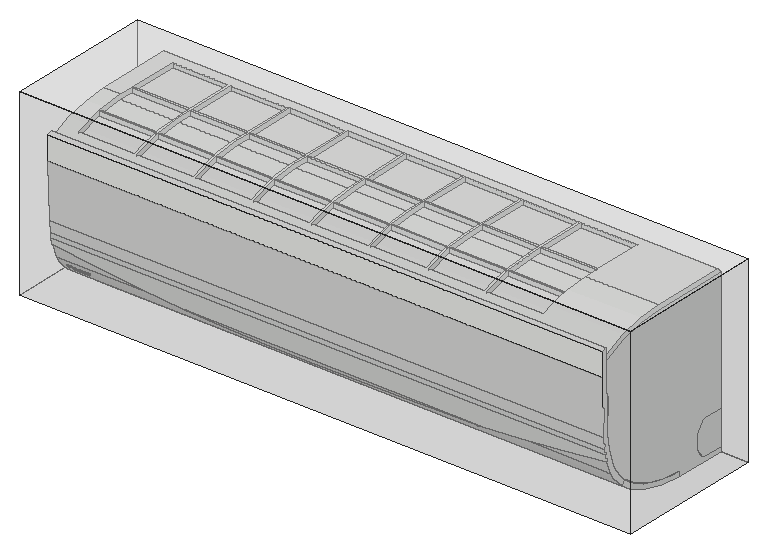
Revit family "outputfile", category 機械設備, Revit 2024
Family settings
  丸型コネクタ寸法 = 半径を使用
  パーツ タイプ = 標準
  OmniClass 番号 = 23.75.10.24.21.27.27
  OmniClass タイトル = Split System Air Conditioning Units
  作業面ベース = いいえ
  常に垂直 = はい
  ロード時にボイドで切り取り = いいえ
  注釈の向きを維持 = いいえ
  共有 = いいえ
  部屋計算ポイント = いいえ
Parameters (values of type "CTKM71RVMA")
  Description = ""
  書き出し IFC クラス(タイプ) = "IfcUnitaryEquipmentType"
  定義済み IFC タイプ(タイプ) = "AIRCONDITIONINGUNIT"
  Cost = 0
  Type Comments = ""
  Keynote = ""
  Type Image = (empty or 0)
  Assembly Code = ""
  w_wall hole = if(Width = 770.0 mm, 48.0 mm, 60.0 mm)  # 60.0 mm
  製造元 = "Daikin"
  モデル = "CTKM71RVMA"
  switch_frequency = yes
  r_Liquid Pipe Size = Liquid Pipe Size / 2  # 3.2 mm
  r_Gas Pipe Size = Gas Pipe Size / 2  # 7.95 mm
  r_Drain Pipe Size = Drain Pipe Size / 2  # 8.0 mm
  lw_powersupply [instance] = if(Width = 770.0 mm, if(or(Rear Right Connection_refrigerant, Bottom Right Connection_refrigerant), 25.0 mm, if(or(Rear Left Connection_refrigerant, Bottom Left Connection_refrigerant), 745.0 mm, 400.0 mm)), if(Width = 990.0 mm, if(or(Rear Right Connection_refrigerant, Bottom Right Connection_refrigerant), 40.0 mm, if(or(Rear Left Connection_refrigerant, Bottom Left Connection_refrigerant), 920.0 mm, 400.0 mm)), if(or(Rear Right Connection_refrigerant, Bottom Right Connection_refrigerant), 40.0 mm, if(or(Rear Left Connection_refrigerant, Bottom Left Connection_refrigerant), 920.0 mm, 400.0 mm))))  # 400.0 mm
  lw_liquidpipe [instance] = if(Width = 770.0 mm, if(or(Rear Right Connection_refrigerant, Bottom Right Connection_refrigerant), 0.0 mm, if(or(Rear Left Connection_refrigerant, Bottom Left Connection_refrigerant), 664.0 mm, 385.0 mm)), if(Width = 990.0 mm, if(or(Rear Right Connection_refrigerant, Bottom Right Connection_refrigerant), 0.0 mm, if(or(Rear Left Connection_refrigerant, Bottom Left Connection_refrigerant), 664.0 mm + (990.0 mm - 770.0 mm), 475.0 mm)), if(or(Rear Right Connection_refrigerant, Bottom Right Connection_refrigerant), 0.0 mm, if(or(Rear Left Connection_refrigerant, Bottom Left Connection_refrigerant), 664.0 mm + (990.0 mm - 770.0 mm), 475.0 mm))))  # 475.0 mm
  lw_gaspipe [instance] = if(Width = 770.0 mm, if(or(Rear Right Connection_refrigerant, Bottom Right Connection_refrigerant), 0.0 mm, if(or(Rear Left Connection_refrigerant, Bottom Left Connection_refrigerant), 675.0 mm, if(Gas Pipe Size = 12.7 mm, 345.0 mm, 335.0 mm))), if(Width = 990.0 mm, if(or(Rear Right Connection_refrigerant, Bottom Right Connection_refrigerant), 10.0 mm, if(or(Rear Left Connection_refrigerant, Bottom Left Connection_refrigerant), 890.0 mm, if(Gas Pipe Size = 15.9 mm, 410.0 mm, 400.0 mm))), if(or(Rear Right Connection_refrigerant, Bottom Right Connection_refrigerant), 10.0 mm, if(or(Rear Left Connection_refrigerant, Bottom Left Connection_refrigerant), 890.0 mm, if(Gas Pipe Size = 15.9 mm, 410.0 mm, 400.0 mm)))))  # 410.0 mm
  lw_drainpipe [instance] = if(Width = 770.0 mm, if(or(Rear Right Connection_refrigerant, Bottom Right Connection_refrigerant), 0.0 mm, if(or(Rear Left Connection_refrigerant, Bottom Left Connection_refrigerant), 770.0 mm - 48.0 mm - 48.0 mm, 440.0 mm)), if(Width = 990.0 mm, if(or(Rear Right Connection_refrigerant, Bottom Right Connection_refrigerant), 0.0 mm, if(or(Rear Left Connection_refrigerant, Bottom Left Connection_refrigerant), 675.0 mm + (990.0 mm - 770.0 mm), 435.0 mm)), if(or(Rear Right Connection_refrigerant, Bottom Right Connection_refrigerant), 0.0 mm, if(or(Rear Left Connection_refrigerant, Bottom Left Connection_refrigerant), 675.0 mm + (990.0 mm - 770.0 mm), 435.0 mm))))  # 435.0 mm
  l_powersupply_length [instance] = if(Width = 770.0 mm, if(Right Connection_refrigerant, 400.0 mm, if(Left Connection_refrigerant, 770.0 mm - 400.0 mm, if(or(Rear Left Connection_refrigerant, Rear Right Connection_refrigerant), 15.0 mm, 50.0 mm))), if(Width = 990.0 mm, if(Right Connection_refrigerant, 400.0 mm, if(Left Connection_refrigerant, 990.0 mm - 400.0 mm, if(or(Rear Left Connection_refrigerant, Rear Right Connection_refrigerant), 15.0 mm, 50.0 mm))), if(Right Connection_refrigerant, 400.0 mm, if(Left Connection_refrigerant, 990.0 mm - 400.0 mm, if(or(Rear Left Connection_refrigerant, Rear Right Connection_refrigerant), 15.0 mm, 50.0 mm)))))  # 400.0 mm
  l_liquidpipe_length [instance] = if(Width = 770.0 mm, if(Right Connection_refrigerant, 433.0 mm, if(Left Connection_refrigerant, 337.0 mm, if(or(Rear Left Connection_refrigerant, Rear Right Connection_refrigerant), 30.0 mm, 40.0 mm))), if(Width = 990.0 mm, if(Right Connection_refrigerant, 535.0 mm, if(Left Connection_refrigerant, 455.0 mm, if(or(Rear Left Connection_refrigerant, Rear Right Connection_refrigerant), 30.0 mm, 40.0 mm))), if(Right Connection_refrigerant, 535.0 mm, if(Left Connection_refrigerant, 455.0 mm, if(or(Rear Left Connection_refrigerant, Rear Right Connection_refrigerant), 30.0 mm, 40.0 mm)))))  # 535.0 mm
  l_gaspipe_length [instance] = if(Width = 770.0 mm, if(Right Connection_refrigerant, if(Gas Pipe Size = 12.7 mm, 393.0 mm, 383.0 mm), if(Left Connection_refrigerant, if(Gas Pipe Size = 12.7 mm, 770.0 mm - 393.0 mm, 770.0 mm - 383.0 mm), if(or(Rear Left Connection_refrigerant, Rear Right Connection_refrigerant), 40.0 mm, 50.0 mm))), if(Width = 990.0 mm, if(Right Connection_refrigerant, if(Gas Pipe Size = 15.9 mm, 470.0 mm, 460.0 mm), if(Left Connection_refrigerant, if(Gas Pipe Size = 15.9 mm, 990.0 mm - 470.0 mm, 990.0 mm - 460.0 mm), if(or(Rear Left Connection_refrigerant, Rear Right Connection_refrigerant), 40.0 mm, 50.0 mm))), if(Right Connection_refrigerant, if(Gas Pipe Size = 15.9 mm, 470.0 mm, 460.0 mm), if(Left Connection_refrigerant, if(Gas Pipe Size = 15.9 mm, 990.0 mm - 470.0 mm, 990.0 mm - 460.0 mm), if(or(Rear Left Connection_refrigerant, Rear Right Connection_refrigerant), 40.0 mm, 50.0 mm)))))  # 470.0 mm
  l_drainpipe_length [instance] = if(Width = 770.0 mm, if(Right Connection_refrigerant, 488.0 mm, if(Left Connection_refrigerant, 282.0 mm, if(or(Rear Left Connection_refrigerant, Rear Right Connection_refrigerant), 15.0 mm, 20.0 mm))), if(Width = 990.0 mm, if(Right Connection_refrigerant, 495.0 mm, if(Left Connection_refrigerant, 495.0 mm, if(or(Rear Left Connection_refrigerant, Rear Right Connection_refrigerant), 15.0 mm, 20.0 mm))), if(Right Connection_refrigerant, 495.0 mm, if(Left Connection_refrigerant, 495.0 mm, if(or(Rear Left Connection_refrigerant, Rear Right Connection_refrigerant), 15.0 mm, 20.0 mm)))))  # 495.0 mm
  h*** = 0.0 mm  # constant formula
  connector_voltage = Voltage_50Hz  # 230 V
  connector_powerinput = [Power Input (Cooling)]  # 0.000 kW
  connector_phase = Phase_50Hz  # 1
  angle_vertical [instance] = if(or(Bottom Left Connection_refrigerant, Bottom Right Connection_refrigerant), 0.00°, 90.00°)  # 90.00°
  angle_horizontal [instance] = if(Right Connection_refrigerant, 90.00°, if(Left Connection_refrigerant, -90.00°, if(or(Rear Left Connection_refrigerant, Rear Right Connection_refrigerant), 180.00°, 0.00°)))  # 90.00°
  Width = 990.0 mm
  Voltage_comment_50Hz = "220 - 240"
  Voltage_50Hz = 230 V
  Version = "ver.1.0"
  Unit Type = "Wall Mounted"
  Unit Mass Weight = 13.00 kg
  Unit Designation [instance] = ""
  Uniclass2015Version = "Products v1.30"
  Uniclass2015Title = "Split coil room air conditioning units"
  Uniclass2015Code = "Pr_70_65_03_86"
  URL = ""
  Total Cooling Capacity [instance] = 0.000 kW
  Sound Pressure Level_M speed (dBA) = 45
  Sound Pressure Level_L speed (dBA) = 37
  Sound Pressure Level_H speed (dBA) = 49
  Sound Power Level_H speed (dB) = 0
  Series = "Multi Split_Fan Coil Unit"
  Sensible Cooling Capacity [instance] = 0.000 kW
  Refrigerant Type = "R32"
  Power Input (Cooling) = 0.000 kW
  Phase_50Hz = 1
  Option Accessory 3 [instance] = ""
  Option Accessory 2 [instance] = ""
  Option Accessory 1 [instance] = ""
  Nominal Cooling Capacity = 7.100 kW
  Minimum Circuit Amps_50Hz = 0.0 A
  Minimum Airflow = 798.00 m³/h
  Median Airflow = 1010.00 m³/h
  Maximum Fuse Amps_50Hz = 0.0 A
  Maximum Airflow = 1200.00 m³/h
  Material_Casing = DAIKIN_White_Casing_indoorunit
  Load Classification = HVAC
  Liquid Pipe Size = 6.4 mm
  Link_Nested Family [instance] = ""
  IfcVersion = ""
  IfcExportType = "AIRCONDITIONINGUNIT"
  IfcExportAs = "IfcUnitaryEquipmentType"
  Height = 295.0 mm
  Heat Exchanger Type = "Cross Fin Coil"
  Gas Pipe Size = 15.9 mm
  Frequency_50Hz = 50 Hz
  Fan Type = "Cross Flow Fan"
  Fan Drive = "Direct Drive"
  FCU Tag No. [instance] = ""
  Drain Pipe Size = 16.0 mm
  Design Supply Airflow [instance] = 0.00 m³/h
  Depth = 263.0 mm
  既定の高さ = 0.0 mm
  Cooling Entering Wet Bulb Temperature [instance] = 0.00 °C
  Cooling Entering Dry Bulb Temperature [instance] = 0.00 °C
  Cooling Ambient Wet Bulb Temperature [instance] = 0.00 °C
  Cooling Ambient Dry Bulb Temperature [instance] = 0.00 °C
  Clearance visibility [instance] = yes
  Clearance Top = 30.0 mm
  Clearance Right = 50.0 mm
  Clearance Rear = 0.0 mm
  Clearance Left = 50.0 mm
  Clearance Front = 0.0 mm
  Clearance Bottom = 0.0 mm
  Bottom Right Connection_refrigerant [instance] = no
  Bottom Left Connection_refrigerant [instance] = no
  Rear Right Connection_refrigerant [instance] = no
  Rear Left Connection_refrigerant [instance] = no
  Right Connection_refrigerant [instance] = yes
  Left Connection_refrigerant [instance] = no
Reference planes
  plane 1 "Back": y = 0
  plane 2: z = 0
  plane 3 "Center (Left/Right)": x = 0
  plane 4 "Center (Front/Back)": y = -131.5
  plane 5 "Front": y = -263
  plane 6 "Left": x = -495
  plane 7 "Right": x = 495
  plane 8 "Top": z = 0
  plane 9 "Bottom": z = -295
  plane 10: x = -545
  plane 11: x = 545
  plane 12: y = 0
  plane 13: y = -263
  plane 14: z = 30
  plane 15: z = -295
  plane 16 "lw_Piping and Wiring intake": x = 435
  plane 17 "lw_gaspipe": x = 25
  plane 18 "lw_liquidpipe": x = -40
  plane 19 "lw_drainpipe": x = 0
  plane 20 "lh_drainpipe": z = -275
  plane 21 "lh_liquidpipe": z = -255
  plane 22 "lh_gaspipe": z = -245
  plane 23 "ld_drainpipe": y = -15
  plane 24 "ld_liquidpipe": y = -30
  plane 25 "ld_gaspipe": y = -40
  plane 26 "lw_powersupply": x = 95
Dimensions and locks
  equal spacing: plane 6 "Left", plane 3 "Center (Left/Right)", plane 7 "Right"
  "Width": plane 6 "Left" to plane 7 "Right"
  equal spacing: plane 5 "Front", plane 4 "Center (Front/Back)", plane 1 "Back"
  "Depth": plane 5 "Front" to plane 1 "Back"
  "Height": plane 8 "Top" to plane 9 "Bottom"
  "Clearance Rear": plane 12 to plane 1 "Back"
  "Clearance Front": plane 13 to plane 5 "Front"
  "Clearance Top": plane 14 to plane 8 "Top"
  "Clearance Bottom": plane 9 "Bottom" to plane 15
  "w_wall hole": plane 16 "lw_Piping and Wiring intake" to plane 7 "Right"
  "lw_gaspipe": plane 17 "lw_gaspipe" to plane 16 "lw_Piping and Wiring intake"
  "lw_liquidpipe": plane 18 "lw_liquidpipe" to plane 16 "lw_Piping and Wiring intake"
  "lw_drainpipe": plane 19 "lw_drainpipe" to plane 16 "lw_Piping and Wiring intake"
  locked: plane 20 "lh_drainpipe" to plane 9 "Bottom" at 20
  locked: plane 21 "lh_liquidpipe" to plane 9 "Bottom" at 40
  locked: plane 22 "lh_gaspipe" to plane 9 "Bottom" at 50
  locked: plane 23 "ld_drainpipe" to plane 1 "Back" at 15
  locked: plane 1 "Back" to plane 24 "ld_liquidpipe" at 30
  locked: plane 1 "Back" to plane 25 "ld_gaspipe" at 40
  "lw_powersupply": plane 26 "lw_powersupply" to plane 7 "Right"
  "Clearance Right": plane 7 "Right" to plane 11
  "Clearance Left": plane 10 to plane 6 "Left"
  aligned and locked: level to plane 2
  aligned and locked: plane 12 to nested 1
  aligned and locked: nested 1 to plane 13
  aligned and locked: plane 10 to nested 1
  aligned and locked: plane 11 to nested 1
  aligned and locked: plane 15 to nested 1
  aligned and locked: plane 14 to nested 1
  aligned and locked: plane 17 "lw_gaspipe" to nested 2
  aligned and locked: nested 2 to plane 25 "ld_gaspipe"
  aligned and locked: plane 18 "lw_liquidpipe" to nested 3
  aligned and locked: nested 3 to plane 24 "ld_liquidpipe"
  aligned and locked: plane 19 "lw_drainpipe" to nested 4
  aligned and locked: nested 4 to plane 23 "ld_drainpipe"
  aligned and locked: nested 5 to plane 23 "ld_drainpipe"
  aligned and locked: plane 26 "lw_powersupply" to nested 5
  aligned and locked: level to plane 8 "Top"
  aligned and locked: plane 3 "Center (Left/Right)" to nested 6
  aligned and locked: plane 1 "Back" to nested 6
  aligned and locked: plane 8 "Top" to nested 6
Nested families
  nested 1: "daikin_clearancespace" at (0, -131.5, -132.381), show <- "Clearance visibility", visible <- "Clearance visibility", Link_Nested Family <- "Link_Nested Family", type "daikin_clearancespace"
    with width 1090.0 mm, show yes, height 325.0 mm, depth 263.0 mm, Link_Nested Family ""
  nested 2: "daikin_connector_rotate3" at (25, -40, -245), angle_vertical <- "angle_vertical", angle_horizontal <- "angle_horizontal", length <- "l_gaspipe_length", radius <- "r_Gas Pipe Size", type "daikin_connector_rotate3"
    with show no, radius 7.95 mm, length 470.0 mm, angle_vertical 90.00°, angle_horizontal 90.00°
  nested 3: "daikin_connector_rotate3" at (-40, -30, -255), angle_vertical <- "angle_vertical", angle_horizontal <- "angle_horizontal", radius <- "r_Liquid Pipe Size", length <- "l_liquidpipe_length", type "daikin_connector_rotate3"
    with show no, radius 3.2 mm, length 535.0 mm, angle_vertical 90.00°, angle_horizontal 90.00°
  nested 4: "daikin_connector_rotate3" at (0, -15, -275), angle_vertical <- "angle_vertical", angle_horizontal <- "angle_horizontal", length <- "l_drainpipe_length", radius <- "r_Drain Pipe Size", type "daikin_connector_rotate3"
    with show no, radius 8.0 mm, length 495.0 mm, angle_vertical 90.00°, angle_horizontal 90.00°
  nested 5: "daikin_connector_rotate3" at (95, -15, -245), angle_vertical <- "angle_vertical", angle_horizontal <- "angle_horizontal", length <- "l_powersupply_length", type "daikin_connector_rotate3"
    with show no, radius 10.0 mm, length 400.0 mm, angle_vertical 90.00°, angle_horizontal 90.00°
  nested 6: "DAIKIN_indoorunit_CTKM-RVMA" at (-31, 0, 0), type "CTKM-RVMA"
    with switch_unit1_50-71 yes, switch_unit1_20-46 no, Width 990.0 mm, WALL HOLE-R 60.0 mm, WALL HOLE Size 80.0 mm, Height 295.0 mm
Connectors
  piping at (495, -40, -245), diameter 15.9, driven by "r_Gas Pipe Size"
    settings: on nested 2, index 1, connector inside diameter 609.6 mm, connector length 0.0 mm, flow factor 0, pipe flow 0.00 m³/h, pressure drop 0.0 Pa, fitting loss kfactor 0, connector angle 0.00°, fixture units 0, engagement length 0.0 mm, angle of deflection 0.00°, flow configuration 1, flow direction 2, fitting loss method 0, system type 29, joint type 0, gender type 0, connector reference index -1, connector utility 0, adjustable connector no, is connector primary yes, connector description "Refrigerant Gas Piping"
  piping at (495, -30, -255), diameter 6.4, driven by "r_Liquid Pipe Size"
    settings: on nested 3, index 2, connector inside diameter 609.6 mm, connector length 0.0 mm, flow factor 0, pipe flow 0.00 m³/h, pressure drop 0.0 Pa, fitting loss kfactor 0, connector angle 0.00°, fixture units 0, engagement length 0.0 mm, angle of deflection 0.00°, flow configuration 1, flow direction 1, fitting loss method 0, system type 29, joint type 0, gender type 0, connector reference index -1, connector utility 0, adjustable connector no, is connector primary no, connector description "Refrigerant Liquid Piping"
  piping at (495, -15, -275), diameter 16, driven by "r_Drain Pipe Size"
    settings: on nested 4, index 3, connector inside diameter 609.6 mm, connector length 0.0 mm, flow factor 0, pipe flow 0.00 m³/h, pressure drop 0.0 Pa, fitting loss kfactor 0, connector angle 0.00°, fixture units 0, engagement length 0.0 mm, angle of deflection 0.00°, flow configuration 1, flow direction 2, fitting loss method 4, system type 16, joint type 0, gender type 0, connector reference index -1, connector utility 0, adjustable connector no, is connector primary no, connector description "Condensate Drain Piping"
  electrical at (495, -15, -245), driven by "Load Classification", driven by "connector_phase", driven by "connector_powerinput", driven by "connector_voltage"
    settings: on nested 5, index 4, voltage 230 V, apparent load 0 VA, apparent load phase1 0 VA, apparent load phase2 0 VA, apparent load phase3 0 VA, power factor 1, load classification "HVAC", number of poles 1, system type 30, power factor state 1, is connector primary yes, connector utility no, sub classification motor no, connector description "Power Supply"
Definition of nested family "daikin_clearancespace"
  Parameters (values of type "daikin_clearancespace")
    Description = "daikin_clearancespace"
    width [instance] = 1823.963 mm
    show [instance] = yes
    material = none
    height [instance] = 1359.762 mm
    depth [instance] = 880.0 mm
    Default Elevation = 0.0 mm
    Link_Nested Family [instance] = ""
  Reference planes
    plane 1 "Center (Front/Back)": y = 0
    plane 2 "Center (Elevation)": z = -0.119
    plane 3 "Center (Left/Right)": x = 0
    plane 4: y = 440
    plane 5: y = -440
    plane 6 "Right": x = 911.982
    plane 7 "Left": x = -911.982
    plane 8 "Top": z = 679.762
    plane 9 "Bottom": z = -680
  Forms (mm)
    Extrusion 1, solid, material <- "material", visible <- "show"
      sketch origin (0, 0, 0) x (1, 0, 0) y (0, 1, 0)
        loop
          line (-911.982, 440) -> (-911.982, -440) -> (911.982, -440) -> (911.982, 440) -> (-911.982, 440)
      from -680 to 679.762
  Lines and regions (mm)
    symbolic lines, visible <- "show"
      curve 1: line (911.982, 440, 0) -> (-911.982, 440, 0)
      curve 2: line (-911.982, 440, 0) -> (-911.982, -440, 0)
      curve 3: line (-911.982, -440, 0) -> (911.982, -440, 0)
      curve 4: line (911.982, -440, 0) -> (911.982, 440, 0)
      curve 5: line (911.982, 0, 679.762) -> (-911.982, 0, 679.762)
      curve 6: line (911.982, 0, -680) -> (911.982, 0, 679.762)
      curve 7: line (-911.982, 0, -680) -> (911.982, 0, -680)
      curve 8: line (-911.982, 0, 679.762) -> (-911.982, 0, -680)
      curve 9: line (0, 440, 679.762) -> (0, -440, 679.762)
      curve 10: line (0, -440, 679.762) -> (0, -440, -680)
      curve 11: line (0, 440, -680) -> (0, 440, 679.762)
      curve 12: line (0, -440, -680) -> (0, 440, -680)
  Dimensions and locks
    "width": plane 7 "Left" to plane 6 "Right"
    "depth": plane 4 to plane 5
    "height": plane 8 "Top" to plane 9 "Bottom"
    equal spacing: plane 7 "Left", plane 3 "Center (Left/Right)", plane 6 "Right"
    equal spacing: plane 4, plane 1 "Center (Front/Back)", plane 5
    equal spacing: plane 8 "Top", plane 2 "Center (Elevation)", plane 9 "Bottom"
    aligned and locked: level to plane 2 "Center (Elevation)"
    aligned and locked: Extrusion 1 sketch curve to plane 4
    aligned and locked: plane 7 "Left" to Extrusion 1 sketch curve
    aligned and locked: Extrusion 1 sketch curve to plane 5
    aligned and locked: Extrusion 1 sketch curve to plane 6 "Right"
    aligned and locked: plane 8 "Top" to Extrusion 1
    aligned and locked: curve 1 to Extrusion 1
    aligned and locked: curve 2 to Extrusion 1
    aligned and locked: curve 3 to Extrusion 1
    aligned and locked: curve 4 to Extrusion 1
    aligned and locked: curve 5 to Extrusion 1
    aligned and locked: curve 6 to Extrusion 1
    aligned and locked: curve 7 to Extrusion 1
    aligned and locked: curve 8 to Extrusion 1
    aligned and locked: curve 9 to Extrusion 1
    aligned and locked: curve 10 to Extrusion 1
    aligned and locked: curve 11 to Extrusion 1
    aligned and locked: curve 12 to Extrusion 1
    aligned and locked: Extrusion 1 to plane 9 "Bottom"
Definition of nested family "DAIKIN_indoorunit_CTKM-RVMA"
  Parameters (values of type "FTKM-QVMA")
    switch_unit1_50-71 = Width = 990.0 mm  # no
    switch_unit1_20-46 = Width = 770.0 mm  # yes
    Width = 770.0 mm
    WALL HOLE-R = if(Width = 770.0 mm, 48.0 mm, 60.0 mm)  # 48.0 mm
    WALL HOLE Size = if(Width = 770.0 mm, 65.0 mm, 80.0 mm)  # 65.0 mm
    Material_Casing = none
    Height = if(Width = 770.0 mm, 285.0 mm, 295.0 mm)  # 285.0 mm
    Default Elevation = 0.0 mm
  Reference planes
    plane 1 "Center (Front/Back)": y = 0
    plane 2 "reference_level": z = 0
    plane 3 "Center (Left/Right)": x = 31
    plane 4: x = -354
    plane 5: x = 416
    plane 6: z = -285
  Forms (mm)
    Extrusion 1, solid, material <- "Material_Casing", visible <- "switch_unit1_20-46"
      sketch origin (29, 0, 0) x (0, 1, 0) y (0, 0, 1)
        loop
          line (-5, 0) -> (-98, 0)
          arc (-98, 0) -> (-157.611, -7.211) -> (-213.783, -28.427) r 250
          arc (-213.783, -28.427) -> (-213.842, -32.972) -> (-213.892, -37.516) r 2191
          arc (-213.892, -37.516) -> (-157.832, -15.495) -> (-98.07, -8) r 242
          line (-98.07, -8) -> (0, -8) -> (-5, 0)
      from -383 to 387
    Extrusion 2, solid, material <- "Material_Casing", visible <- "switch_unit1_20-46"
      sketch origin (416, 1296.25, 1200) x (0, 1, 0) y (0, 0, 1)
        loop
          line (-1472.998, -1446.91) -> (-1476.998, -1453.839)
          arc (-1476.998, -1453.839) -> (-1437.481, -1472.422) -> (-1395.25, -1483.538) r 240
          line (-1395.25, -1483.538) -> (-1395.25, -1475.422)
          arc (-1395.25, -1475.422) -> (-1435.407, -1464.663) -> (-1472.998, -1446.91) r 232
      from 0 to -47.5
    Extrusion 3, solid, material <- "Material_Casing", visible <- "switch_unit1_20-46"
      sketch origin (29, 0, 0) x (0, 1, 0) y (0, 0, 1)
        loop
          arc (-223, -60.455) -> (-222.414, -110.646) -> (-220.656, -160.81) r 2149.92
          arc (-220.656, -160.81) -> (-219.65, -174.299) -> (-217.853, -187.706) r 229.911
          arc (-217.853, -187.706) -> (-205.371, -223.594) -> (-181.517, -253.17) r 111
          line (-181.517, -253.17) -> (-177.429, -246.093)
          arc (-177.429, -246.093) -> (-198.77, -218.989) -> (-209.965, -186.36) r 103
          arc (-209.965, -186.36) -> (-211.681, -173.586) -> (-212.651, -160.735) r 221.844
          arc (-212.651, -160.735) -> (-214.739, -93.233) -> (-214.74, -25.699) r 2186.828
          arc (-214.74, -25.699) -> (-214.671, -21.467) -> (-214.594, -17.235) r 2192
          line (-214.594, -17.235) -> (-223, -19.961) -> (-223, -60.455)
      from -383 to 387
    Extrusion 4, solid, material <- "Material_Casing", visible <- "switch_unit1_20-46"
      sketch origin (29, 0, 0) x (0, 1, 0) y (0, 0, 1)
        loop
          line (-181.517, -253.17) -> (-179.597, -249.846)
          arc (-179.597, -249.846) -> (-202.009, -221.399) -> (-213.189, -186.952) r 103
          line (-213.189, -186.952) -> (-217.853, -187.706)
          arc (-217.853, -187.706) -> (-217.533, -189.556) -> (-217.182, -191.4) r 111
          arc (-217.182, -191.4) -> (-213.806, -208.181) -> (-210.362, -224.948) r 4257.809
          arc (-210.362, -224.948) -> (-198.886, -237.857) -> (-186.225, -249.607) r 180
          line (-186.225, -249.607) -> (-181.517, -253.17)
      from -383 to 387
    Extrusion 5, solid, material <- "Material_Casing", visible <- "switch_unit1_20-46"
      sketch origin (29, 0, -20) x (0, 1, 0) y (0, 0, 1)
        loop
          line (0, -265) -> (0, 12) -> (-98.07, 12)
          arc (-98.07, 12) -> (-157.832, 4.505) -> (-213.892, -17.516) r 242
          arc (-213.892, -17.516) -> (-213.638, -79.114) -> (-211.653, -140.681) r 2191
          arc (-211.653, -140.681) -> (-210.685, -153.501) -> (-208.973, -166.243) r 221
          arc (-208.973, -166.243) -> (-197.471, -199.282) -> (-175.482, -226.491) r 102
          arc (-175.482, -226.491) -> (-138.004, -244.019) -> (-98, -254.579) r 231
          line (-98, -254.579) -> (-98, -265) -> (0, -265)
      from -383 to 387
    Extrusion 6, solid, material <- "Material_Casing", visible <- "switch_unit1_20-46"
      sketch origin (-354, 1296.25, 1200) x (0, 1, 0) y (0, 0, 1)
        loop
          line (-1472.998, -1446.91) -> (-1476.998, -1453.839)
          arc (-1476.998, -1453.839) -> (-1437.481, -1472.422) -> (-1395.25, -1483.538) r 240
          line (-1395.25, -1483.538) -> (-1395.25, -1475.422)
          arc (-1395.25, -1475.422) -> (-1435.407, -1464.663) -> (-1472.998, -1446.91) r 232
      from 47 to 0
    Extrusion 7, solid, material <- "Material_Casing", visible <- "switch_unit1_20-46"
      sketch origin (416, 1296.25, 1200) x (0, 1, 0) y (0, 0, 1)
        loop
          line (-1472.998, -1446.91) -> (-1476.998, -1453.839)
          arc (-1476.998, -1453.839) -> (-1443.437, -1470.168) -> (-1407.75, -1481.097) r 240
          line (-1407.75, -1481.097) -> (-1407.75, -1472.894)
          arc (-1407.75, -1472.894) -> (-1441.363, -1462.385) -> (-1472.998, -1446.91) r 232
      from -116.993 to -48.493
    Extrusion 8, solid, material <- "Material_Casing", visible <- "switch_unit1_20-46"
      sketch origin (416, 1296.25, 1200) x (0, 1, 0) y (0, 0, 1)
        loop
          line (-1472.998, -1446.91) -> (-1476.998, -1453.839)
          arc (-1476.998, -1453.839) -> (-1443.437, -1470.168) -> (-1407.75, -1481.097) r 240
          line (-1407.75, -1481.097) -> (-1407.75, -1472.894)
          arc (-1407.75, -1472.894) -> (-1441.363, -1462.385) -> (-1472.998, -1446.91) r 232
      from -717 to -121.993
    Extrusion 9, void
      sketch origin (31, 0, -235) x (1, 0, 0) y (0, 1, 0)
        loop
          line (-252.674, -22.316) -> (-354.941, -22.316) -> (-354.941, -91.341) -> (-252.674, -91.341) -> (-252.674, -22.316)
        loop
          line (-249.341, -91.341) -> (-151.574, -91.341) -> (-151.574, -22.316) -> (-249.341, -22.316) -> (-249.341, -91.341)
        loop
          line (58.309, -22.316) -> (-148.309, -22.316) -> (-148.309, -91.341) -> (58.309, -91.341) -> (58.309, -22.316)
        loop
          line (61.689, -22.316) -> (61.689, -91.341) -> (159.457, -91.341) -> (159.457, -22.316) -> (61.689, -22.316)
        loop
          line (162.789, -22.316) -> (162.789, -91.341) -> (265.057, -91.341) -> (265.057, -22.316) -> (162.789, -22.316)
        loop
          line (-354.941, -94.659) -> (-354.941, -165.259) -> (-252.674, -165.259) -> (-252.674, -94.659) -> (-354.941, -94.659)
        loop
          line (-249.341, -94.659) -> (-249.341, -165.259) -> (-151.574, -165.259) -> (-151.574, -94.659) -> (-249.341, -94.659)
        loop
          line (-148.309, -94.659) -> (-148.309, -165.259) -> (58.309, -165.259) -> (58.309, -94.659) -> (-148.309, -94.659)
        loop
          line (61.689, -94.659) -> (61.689, -165.259) -> (159.457, -165.259) -> (159.457, -94.659) -> (61.689, -94.659)
        loop
          line (162.789, -94.659) -> (162.789, -165.259) -> (265.057, -165.259) -> (265.057, -94.659) -> (162.789, -94.659)
        loop
          line (-354.941, -167.382) -> (-354.941, -192.681) -> (-252.674, -192.681) -> (-252.674, -167.382) -> (-354.941, -167.382)
        loop
          line (-249.341, -167.382) -> (-249.341, -192.681) -> (-151.574, -192.681) -> (-151.574, -167.382) -> (-249.341, -167.382)
        loop
          line (-148.309, -167.382) -> (-148.309, -192.681) -> (58.309, -192.681) -> (58.309, -167.382) -> (-148.309, -167.382)
        loop
          line (159.457, -167.382) -> (61.689, -167.382) -> (61.689, -192.681) -> (159.457, -192.681) -> (159.457, -167.382)
        loop
          line (265.057, -167.382) -> (162.789, -167.382) -> (162.789, -192.681) -> (265.057, -192.681) -> (265.057, -167.382)
      from 201.638 to 250
    Extrusion 10, void
      sketch origin (31, 0, 0) x (1, 0, 0) y (0, 0, 1)
        loop
          arc (597, -174.907) -> (0.056, -245.263) -> (-597, -175.856) r 2585.042
          line (-597, -175.856) -> (-597, -352.872) -> (597, -352.872) -> (597, -174.907)
      from 173 to 315.3
    Extrusion 11, solid, material <- "Material_Casing"
      sketch origin (31, 0, 0) x (1, 0, 0) y (0, 0, 1)
        loop
          circle (337, -240.5) r 32.5
        loop
          circle (-337, -240.5) r 32.5
      from 0 to 5
    Extrusion 12, solid, material <- "Material_Casing", visible <- "switch_unit1_20-46"
      sketch origin (416, 1296.25, 1200) x (0, -1, 0) y (0, 0, 1)
        loop
          line (1326.25, -1417) -> (1296.25, -1417) -> (1296.25, -1477) -> (1326.25, -1477)
          arc (1326.25, -1477) -> (1340.393, -1471.142) -> (1346.25, -1457) r 20
          line (1346.25, -1457) -> (1346.25, -1437)
          arc (1346.25, -1437) -> (1340.393, -1422.858) -> (1326.25, -1417) r 20
      from 0 to 5
    Extrusion 13, solid, material <- "Material_Casing", visible <- "switch_unit1_20-46"
      sketch origin (-354, 1296.25, 1200) x (0, 1, 0) y (0, 0, 1)
        loop
          line (-1296.25, -1417) -> (-1326.25, -1417)
          arc (-1326.25, -1417) -> (-1340.393, -1422.858) -> (-1346.25, -1437) r 20
          line (-1346.25, -1437) -> (-1346.25, -1457)
          arc (-1346.25, -1457) -> (-1340.393, -1471.142) -> (-1326.25, -1477) r 20
          line (-1326.25, -1477) -> (-1296.25, -1477) -> (-1296.25, -1417)
      from 0 to 5
    Extrusion 14, solid, material <- "Material_Casing", visible <- "switch_unit1_20-46"
      sketch origin (31, 0, -285) x (-1, 0, 0) y (0, -1, 0)
        loop
          line (-314, 0) -> (-314, 30)
          arc (-314, 30) -> (-319.858, 44.142) -> (-334, 50) r 20
          line (-334, 50) -> (-354, 50)
          arc (-354, 50) -> (-368.142, 44.142) -> (-374, 30) r 20
          line (-374, 30) -> (-374, 0) -> (-314, 0)
        loop
          line (374, 0) -> (374, 30)
          arc (374, 30) -> (368.142, 44.142) -> (354, 50) r 20
          line (354, 50) -> (334, 50)
          arc (334, 50) -> (319.858, 44.142) -> (314, 30) r 20
          line (314, 30) -> (314, 0) -> (374, 0)
      from 0 to 5
    Extrusion 15, solid, material <- "Material_Casing", visible <- "switch_unit1_50-71"
      sketch origin (31, 0, 0) x (0, 1, 0) y (0, 0, 1)
        loop
          line (-5, 0) -> (-138, 0)
          arc (-138, 0) -> (-197.611, -7.211) -> (-253.783, -28.427) r 250
          arc (-253.783, -28.427) -> (-253.838, -32.687) -> (-253.886, -36.946) r 2191
          arc (-253.886, -36.946) -> (-197.73, -15.346) -> (-138.014, -8) r 246.393
          line (-138.014, -8) -> (0, -8) -> (-5, 0)
      from -495 to 495
    Extrusion 16, solid, material <- "Material_Casing", visible <- "switch_unit1_50-71"
      sketch origin (418, 1296.25, 1200) x (0, 1, 0) y (0, 0, 1)
        loop
          arc (-1515.208, -1454.149) -> (-1506.856, -1460.599) -> (-1497.925, -1466.219) r 110
          arc (-1497.925, -1466.219) -> (-1445.718, -1487.493) -> (-1389.844, -1494.995) r 223
          line (-1389.844, -1494.995) -> (-1389.844, -1486.086) -> (-1404.386, -1486.086)
          arc (-1404.386, -1486.086) -> (-1449.542, -1477.46) -> (-1491.818, -1459.402) r 214.289
          arc (-1491.818, -1459.402) -> (-1501.056, -1453.541) -> (-1509.606, -1446.715) r 101
          line (-1509.606, -1446.715) -> (-1515.208, -1454.149)
      from 108 to 57.5
    Extrusion 17, solid, material <- "Material_Casing", visible <- "switch_unit1_50-71"
      sketch origin (31, 0, 0) x (0, 1, 0) y (0, 0, 1)
        loop
          line (-263, -19.962) -> (-263, -61.6)
          arc (-263, -61.6) -> (-262.414, -110.219) -> (-260.656, -158.81) r 2017.341
          arc (-260.656, -158.81) -> (-255.648, -191.935) -> (-244.041, -223.362) r 164.725
          arc (-244.041, -223.362) -> (-233.569, -239.793) -> (-219.717, -253.495) r 87.379
          line (-219.717, -253.495) -> (-214.706, -246.846)
          arc (-214.706, -246.846) -> (-229.564, -230.029) -> (-240.385, -210.371) r 102
          arc (-240.385, -210.371) -> (-249.049, -182.962) -> (-252.848, -154.467) r 165.789
          arc (-252.848, -154.467) -> (-254.771, -90.102) -> (-254.74, -25.708) r 2122.533
          arc (-254.74, -25.708) -> (-254.671, -21.469) -> (-254.594, -17.23) r 2192
          line (-254.594, -17.23) -> (-263, -19.962)
      from -495 to 495
    Extrusion 18, void
      sketch origin (33, 0, 0) x (1, 0, 0) y (0, 1, 0)
        loop
          line (-466.909, -22.316) -> (-466.909, -111.341) -> (-366.303, -111.341) -> (-366.303, -22.316) -> (-466.909, -22.316)
        loop
          line (-362.71, -22.316) -> (-362.71, -111.341) -> (-262.103, -111.341) -> (-262.103, -22.316) -> (-362.71, -22.316)
        loop
          line (-258.51, -22.316) -> (-258.51, -111.341) -> (-157.904, -111.341) -> (-157.904, -22.316) -> (-258.51, -22.316)
        loop
          line (-154.31, -22.316) -> (-154.31, -111.341) -> (-53.704, -111.341) -> (-53.704, -22.316) -> (-154.31, -22.316)
        loop
          line (-50.11, -22.316) -> (-50.11, -111.341) -> (50.496, -111.341) -> (50.496, -22.316) -> (-50.11, -22.316)
        loop
          line (54.089, -22.316) -> (54.089, -111.341) -> (154.696, -111.341) -> (154.696, -22.316) -> (54.089, -22.316)
        loop
          line (158.289, -22.316) -> (158.289, -111.341) -> (258.895, -111.341) -> (258.895, -22.316) -> (158.289, -22.316)
        loop
          line (262.489, -22.316) -> (262.489, -111.341) -> (363.095, -111.341) -> (363.095, -22.316) -> (262.489, -22.316)
        loop
          line (-466.909, -114.459) -> (-466.909, -185.059) -> (-366.303, -185.059) -> (-366.303, -114.459) -> (-466.909, -114.459)
        loop
          line (-362.71, -114.459) -> (-362.71, -185.059) -> (-262.103, -185.059) -> (-262.103, -114.459) -> (-362.71, -114.459)
        loop
          line (-258.51, -114.459) -> (-258.51, -185.059) -> (-157.904, -185.059) -> (-157.904, -114.459) -> (-258.51, -114.459)
        loop
          line (-154.31, -114.459) -> (-154.31, -185.059) -> (-53.704, -185.059) -> (-53.704, -114.459) -> (-154.31, -114.459)
        loop
          line (-50.11, -114.459) -> (-50.11, -185.059) -> (50.496, -185.059) -> (50.496, -114.459) -> (-50.11, -114.459)
        loop
          line (54.089, -114.459) -> (54.089, -185.059) -> (154.696, -185.059) -> (154.696, -114.459) -> (54.089, -114.459)
        loop
          line (158.289, -114.459) -> (158.289, -185.059) -> (258.895, -185.059) -> (258.895, -114.459) -> (158.289, -114.459)
        loop
          line (262.489, -114.459) -> (262.489, -185.059) -> (363.095, -185.059) -> (363.095, -114.459) -> (262.489, -114.459)
        loop
          line (-466.909, -187.382) -> (-466.909, -232.681) -> (-366.303, -232.681) -> (-366.303, -187.382) -> (-466.909, -187.382)
        loop
          line (-362.71, -187.382) -> (-362.71, -232.681) -> (-262.103, -232.681) -> (-262.103, -187.382) -> (-362.71, -187.382)
        loop
          line (-258.51, -187.382) -> (-258.51, -232.681) -> (-157.904, -232.681) -> (-157.904, -187.382) -> (-258.51, -187.382)
        loop
          line (-154.31, -187.382) -> (-154.31, -232.681) -> (-53.704, -232.681) -> (-53.704, -187.382) -> (-154.31, -187.382)
        loop
          line (-50.11, -187.382) -> (-50.11, -232.681) -> (50.496, -232.681) -> (50.496, -187.382) -> (-50.11, -187.382)
        loop
          line (54.089, -187.382) -> (54.089, -232.681) -> (154.696, -232.681) -> (154.696, -187.382) -> (54.089, -187.382)
        loop
          line (158.289, -187.382) -> (158.289, -232.681) -> (258.895, -232.681) -> (258.895, -187.382) -> (158.289, -187.382)
        loop
          line (262.489, -187.382) -> (262.489, -232.681) -> (363.095, -232.681) -> (363.095, -187.382) -> (262.489, -187.382)
      from -40.013 to 47.268
    Extrusion 19, void
      sketch origin (33, 0, 2300) x (1, 0, 0) y (0, 0, 1)
        loop
          line (705, -2672.872) -> (705, -2462.4)
          arc (705, -2462.4) -> (-2.043, -2534.819) -> (-709, -2461.567) r 3467.757
          line (-709, -2461.567) -> (-709, -2672.872) -> (705, -2672.872)
      from 173 to 315.3
    Extrusion 20, solid, material <- "Material_Casing", visible <- "switch_unit1_50-71"
      sketch origin (-356, 1296.25, 1200) x (0, 1, 0) y (0, 0, -1)
        loop
          line (-1515.208, 1454.149) -> (-1509.606, 1446.715)
          arc (-1509.606, 1446.715) -> (-1501.056, 1453.541) -> (-1491.818, 1459.402) r 101
          arc (-1491.818, 1459.402) -> (-1449.542, 1477.46) -> (-1404.386, 1486.086) r 214.289
          line (-1404.386, 1486.086) -> (-1389.844, 1486.086) -> (-1389.844, 1494.995)
          arc (-1389.844, 1494.995) -> (-1445.718, 1487.493) -> (-1497.925, 1466.219) r 223
          arc (-1497.925, 1466.219) -> (-1506.856, 1460.599) -> (-1515.208, 1454.149) r 110
      from 108 to 61
    Extrusion 21, solid, material <- "Material_Casing", visible <- "switch_unit1_50-71"
      sketch origin (418, 1296.25, 1200) x (0, 1, 0) y (0, 0, 1)
        loop
          arc (-1515.208, -1454.149) -> (-1506.856, -1460.599) -> (-1497.925, -1466.219) r 110
          arc (-1497.925, -1466.219) -> (-1463.185, -1482.066) -> (-1426.25, -1491.755) r 223
          line (-1426.25, -1491.755) -> (-1426.25, -1483.166)
          arc (-1426.25, -1483.166) -> (-1460.008, -1473.969) -> (-1491.818, -1459.402) r 214.289
          arc (-1491.818, -1459.402) -> (-1501.056, -1453.541) -> (-1509.606, -1446.715) r 101
          line (-1509.606, -1446.715) -> (-1515.208, -1454.149)
      from 56.5 to -36.993
    Extrusion 22, solid, material <- "Material_Casing", visible <- "switch_unit1_50-71"
      sketch origin (418, 1296.25, 1200) x (0, 1, 0) y (0, 0, 1)
        loop
          arc (-1426.25, -1483.166) -> (-1443.442, -1479.224) -> (-1460.25, -1473.881) r 214.289
          line (-1460.25, -1473.881) -> (-1460.25, -1483.089)
          arc (-1460.25, -1483.089) -> (-1443.421, -1488.091) -> (-1426.25, -1491.755) r 223
          line (-1426.25, -1491.755) -> (-1426.25, -1483.166)
      from -43.493 to -828.893
    Extrusion 23, solid, material <- "Material_Casing", visible <- "switch_unit1_50-71"
      sketch origin (418, 1296.25, 1200) x (0, 1, 0) y (0, 0, 1)
        loop
          arc (-1515.208, -1454.149) -> (-1506.856, -1460.599) -> (-1497.925, -1466.219) r 110
          arc (-1497.925, -1466.219) -> (-1479.479, -1475.527) -> (-1460.25, -1483.089) r 223
          line (-1460.25, -1483.089) -> (-1460.25, -1473.881)
          arc (-1460.25, -1473.881) -> (-1476.328, -1467.282) -> (-1491.818, -1459.402) r 214.289
          arc (-1491.818, -1459.402) -> (-1501.056, -1453.541) -> (-1509.606, -1446.715) r 101
          line (-1509.606, -1446.715) -> (-1515.208, -1454.149)
      from -43.493 to -828.893
    Extrusion 24, solid, material <- "Material_Casing", visible <- "switch_unit1_50-71"
      sketch origin (31, 0, 0) x (0, 1, 0) y (0, 0, 1)
        loop
          arc (-217.78, -250.924) -> (-234.088, -233.307) -> (-245.826, -212.366) r 102
          arc (-245.826, -212.366) -> (-251.608, -196.062) -> (-255.659, -179.245) r 165.789
          line (-255.659, -179.245) -> (-258.299, -179.737)
          arc (-258.299, -179.737) -> (-257.524, -183.799) -> (-256.646, -187.84) r 164.725
          arc (-256.646, -187.84) -> (-252.868, -206.25) -> (-249.973, -224.82) r 393.089
          arc (-249.973, -224.82) -> (-239.237, -236.969) -> (-227.451, -248.102) r 180
          arc (-227.451, -248.102) -> (-223.723, -250.998) -> (-219.717, -253.495) r 45.878
          line (-219.717, -253.495) -> (-217.78, -250.924)
      from -495 to 495
    Extrusion 25, solid, material <- "Material_Casing", visible <- "switch_unit1_50-71"
      sketch origin (31, 0, -30) x (0, 1, 0) y (0, 0, 1)
        loop
          line (0, 22) -> (-138.014, 22)
          arc (-138.014, 22) -> (-197.73, 14.654) -> (-253.886, -6.946) r 246.393
          arc (-253.886, -6.946) -> (-253.682, -65.635) -> (-251.855, -124.295) r 2120.935
          arc (-251.855, -124.295) -> (-248.086, -152.682) -> (-239.461, -179.988) r 164.789
          arc (-239.461, -179.988) -> (-228.903, -199.231) -> (-214.437, -215.738) r 101
          line (-214.437, -215.738) -> (-212.406, -216.221)
          arc (-212.406, -216.221) -> (-204.07, -222.837) -> (-195.079, -228.53) r 100
          arc (-195.079, -228.53) -> (-145.557, -248.629) -> (-92.593, -255.785) r 213.289
          line (-92.593, -255.785) -> (-92.593, -265) -> (0, -265) -> (0, 22)
      from -495 to 495
    Extrusion 26, solid, material <- "Material_Casing", visible <- "switch_unit1_50-71"
      sketch origin (526, 1296.25, 1200) x (0, -1, 0) y (0, 0, 1)
        loop
          line (1326.25, -1427.035) -> (1296.25, -1427.035) -> (1296.25, -1487.035) -> (1326.25, -1487.035)
          arc (1326.25, -1487.035) -> (1340.393, -1481.177) -> (1346.25, -1467.035) r 20
          line (1346.25, -1467.035) -> (1346.25, -1447.035)
          arc (1346.25, -1447.035) -> (1340.393, -1432.892) -> (1326.25, -1427.035) r 20
      from 0 to 5
    Extrusion 27, solid, material <- "Material_Casing", visible <- "switch_unit1_50-71"
      sketch origin (-459, 1296.25, 1200) x (0, -1, 0) y (0, 0, 1)
        loop
          line (1326.25, -1427.035) -> (1296.25, -1427.035) -> (1296.25, -1487.035) -> (1326.25, -1487.035)
          arc (1326.25, -1487.035) -> (1340.393, -1481.177) -> (1346.25, -1467.035) r 20
          line (1346.25, -1467.035) -> (1346.25, -1447.035)
          arc (1346.25, -1447.035) -> (1340.393, -1432.892) -> (1326.25, -1427.035) r 20
      from 0 to 5
    Extrusion 28, solid, material <- "Material_Casing", visible <- "switch_unit1_50-71"
      sketch origin (31, 200, -295) x (-1, 0, 0) y (0, -1, 0)
        loop
          line (469, 200) -> (469, 230)
          arc (469, 230) -> (463.142, 244.142) -> (449, 250) r 20
          line (449, 250) -> (429, 250)
          arc (429, 250) -> (414.858, 244.142) -> (409, 230) r 20
          line (409, 230) -> (409, 200) -> (469, 200)
        loop
          line (-469, 200) -> (-409, 200) -> (-409, 230)
          arc (-409, 230) -> (-414.858, 244.142) -> (-429, 250) r 20
          line (-429, 250) -> (-449, 250)
          arc (-449, 250) -> (-463.142, 244.142) -> (-469, 230) r 20
          line (-469, 230) -> (-469, 200)
      from 0 to 5
  Cuts and joins
    Extrusion 9 cuts Extrusion 1
    Extrusion 10 cuts Extrusion 4
    joined: Extrusion 3, Extrusion 4
    Extrusion 18 cuts Extrusion 15
    Extrusion 19 cuts Extrusion 24
    joined: Extrusion 17, Extrusion 24
  Lines and regions (mm)
    reference lines
      curve 1: line (-523, -201.911, -229.404) -> (-523, -193.542, -239.977)
      curve 2: line (-523, -240.779, -229.404) -> (-523, -232.411, -239.977)
  Dimensions and locks
    locked: Extrusion 10 sketch curve to Extrusion 10 sketch curve at 1194
    Extrusion 10 sketch curve to Extrusion 10 sketch curve = 1194.0 mm
    locked: Extrusion 12 sketch curve to Extrusion 12 sketch curve at 60
    locked: Extrusion 12 sketch curve to Extrusion 12 sketch curve at 50
    locked: Extrusion 14 sketch curve to Extrusion 14 sketch curve at 60  (x2)
    locked: Extrusion 14 sketch curve to Extrusion 14 sketch curve at 50
    equal spacing: plane 5, plane 3 "Center (Left/Right)", plane 4
    "Width": plane 5 to plane 4
    locked: Extrusion 11 sketch curve to plane 4 at 48
    "WALL HOLE-R": plane 5 to Extrusion 11 sketch curve
    "Height": plane 2 "reference_level" to plane 6
    locked: Extrusion 11 sketch curve to plane 6 at 44.5  (x2)
    locked: cut or joined group of Extrusion 3, Extrusion 4, Extrusion 10 to nested 1 at 15
    locked: Extrusion 17 to nested 2 at 15
    locked: Extrusion 26 sketch curve to Extrusion 26 sketch curve at 60
    locked: Extrusion 26 sketch curve to Extrusion 26 sketch curve at 50
    locked: Extrusion 27 sketch curve to Extrusion 27 sketch curve at 60
    locked: Extrusion 27 sketch curve to Extrusion 27 sketch curve at 50
    locked: Extrusion 28 sketch curve to Extrusion 28 sketch curve at 60  (x2)
    locked: Extrusion 28 sketch curve to Extrusion 28 sketch curve at 50  (x2)
    "WALL HOLE Size": diameter of Extrusion 11 sketch curve  (x2)
    aligned and locked: level to plane 2 "reference_level"
    aligned and locked: nested 1 to curve 1
    aligned and locked: Extrusion 13 sketch curve to Extrusion 12  (x4)
    aligned and locked: Extrusion 14 sketch curve to Extrusion 14 sketch curve  (x2)
    aligned and locked: Extrusion 11 to plane 1 "Center (Front/Back)"
    aligned and locked: nested 2 to curve 2
  Automatic sketch dimensions
    Extrusion 10 sketch curve to plane 3 "Center (Left/Right)" = 597.0 mm
    Extrusion 10 sketch curve to plane 3 "Center (Left/Right)" = 2.0 mm
    Extrusion 10 sketch curve to level = 352.872 mm
    Extrusion 10 sketch curve to level = 175.856 mm
    Extrusion 10 sketch curve to level = 174.907 mm
    curve 1 to level = 239.977 mm
    plane 1 "Center (Front/Back)" to curve 1 = 193.542 mm
    curve 2 to curve 1 = 0.0 mm
    curve 2 to curve 2 = 10.573 mm
    curve 1 to curve 1 = 10.573 mm
    curve 1 to curve 1 = 8.368 mm
    curve 1 to curve 2 = 30.5 mm
    curve 2 to curve 2 = 8.368 mm
    Extrusion 19 sketch curve to plane 3 "Center (Left/Right)" = 707.0 mm
    plane 3 "Center (Left/Right)" to Extrusion 19 sketch curve = 2.0 mm
    plane 3 "Center (Left/Right)" to Extrusion 19 sketch curve = 707.0 mm
    Extrusion 19 sketch curve to level = 372.872 mm
    Extrusion 19 sketch curve to level = 162.4 mm
    Extrusion 19 sketch curve to level = 161.567 mm
    Extrusion 1 sketch curve to level = 0.0 mm
    Extrusion 1 sketch curve to plane 1 "Center (Front/Back)" = 0.0 mm
    plane 1 "Center (Front/Back)" to Extrusion 1 sketch curve = 5.0 mm
    plane 1 "Center (Front/Back)" to Extrusion 1 sketch curve = 98.0 mm
    Extrusion 1 sketch curve to Extrusion 1 sketch curve = 0.07 mm
    Extrusion 1 sketch curve to level = 59.292 mm
    Extrusion 1 sketch curve to plane 1 "Center (Front/Back)" = 1977.0 mm
    Extrusion 1 sketch curve to level = 250.0 mm
    Extrusion 1 sketch curve to Extrusion 1 sketch curve = 0.0 mm
    Extrusion 1 sketch curve to level = 8.0 mm
    Extrusion 1 sketch curve to level = 28.427 mm
    plane 1 "Center (Front/Back)" to Extrusion 2 sketch curve = 180.748 mm
    Extrusion 2 sketch curve to Extrusion 2 sketch curve = 4.0 mm
    Extrusion 2 sketch curve to Extrusion 2 sketch curve = 77.747 mm
    plane 1 "Center (Front/Back)" to Extrusion 2 sketch curve = 59.279 mm
    Extrusion 2 sketch curve to Extrusion 2 sketch curve = 0.0 mm
    Extrusion 2 sketch curve to level = 283.538 mm
    Extrusion 2 sketch curve to Extrusion 2 sketch curve = 8.116 mm
    Extrusion 2 sketch curve to Extrusion 2 sketch curve = 21.583 mm
    Extrusion 2 sketch curve to Extrusion 2 sketch curve = 6.929 mm
    Extrusion 3 sketch curve to level = 19.961 mm
    plane 1 "Center (Front/Back)" to Extrusion 3 sketch curve = 223.0 mm
    Extrusion 3 sketch curve to level = 17.235 mm
    Extrusion 3 sketch curve to Extrusion 3 sketch curve = 8.406 mm
    plane 1 "Center (Front/Back)" to Extrusion 3 sketch curve = 181.517 mm
    Extrusion 3 sketch curve to Extrusion 3 sketch curve = 4.087 mm
    Extrusion 3 sketch curve to Extrusion 3 sketch curve = 69.11 mm
    Extrusion 3 sketch curve to Extrusion 3 sketch curve = 0.001 mm
    Extrusion 3 sketch curve to plane 1 "Center (Front/Back)" = 8.955 mm
    Extrusion 3 sketch curve to Extrusion 3 sketch curve = 0.067 mm
    Extrusion 3 sketch curve to level = 60.455 mm
    Extrusion 3 sketch curve to Extrusion 3 sketch curve = 1917.898 mm
    Extrusion 3 sketch curve to Extrusion 3 sketch curve = 44.907 mm
    Extrusion 3 sketch curve to Extrusion 3 sketch curve = 5.172 mm
    Extrusion 3 sketch curve to level = 150.456 mm
    Extrusion 3 sketch curve to Extrusion 3 sketch curve = 0.006 mm
    Extrusion 3 sketch curve to Extrusion 3 sketch curve = 19.265 mm
    Extrusion 3 sketch curve to Extrusion 3 sketch curve = 0.004 mm
    Extrusion 3 sketch curve to Extrusion 3 sketch curve = 76.368 mm
    Extrusion 3 sketch curve to Extrusion 3 sketch curve = 7.077 mm
    Extrusion 3 sketch curve to Extrusion 3 sketch curve = 1.002 mm
    Extrusion 3 sketch curve to Extrusion 3 sketch curve = 0.046 mm
    Extrusion 3 sketch curve to Extrusion 3 sketch curve = 8.005 mm
    Extrusion 3 sketch curve to Extrusion 3 sketch curve = 0.147 mm
    Extrusion 3 sketch curve to Extrusion 3 sketch curve = 0.0 mm
    plane 1 "Center (Front/Back)" to Extrusion 4 sketch curve = 217.853 mm
    Extrusion 4 sketch curve to Extrusion 4 sketch curve = 4.664 mm
    Extrusion 4 sketch curve to Extrusion 4 sketch curve = 26.964 mm
    Extrusion 4 sketch curve to Extrusion 4 sketch curve = 4.708 mm
    Extrusion 4 sketch curve to Extrusion 4 sketch curve = 1.92 mm
    Extrusion 4 sketch curve to Extrusion 4 sketch curve = 68.441 mm
    Extrusion 4 sketch curve to Extrusion 4 sketch curve = 2.837 mm
    Extrusion 4 sketch curve to Extrusion 4 sketch curve = 38.066 mm
    level to Extrusion 4 sketch curve = 640.031 mm
    Extrusion 4 sketch curve to plane 1 "Center (Front/Back)" = 3958.661 mm
    Extrusion 4 sketch curve to level = 111.946 mm
    Extrusion 4 sketch curve to Extrusion 4 sketch curve = 57.779 mm
    Extrusion 4 sketch curve to Extrusion 4 sketch curve = 3.149 mm
    Extrusion 4 sketch curve to Extrusion 4 sketch curve = 14.078 mm
    Extrusion 4 sketch curve to Extrusion 4 sketch curve = 0.754 mm
    Extrusion 4 sketch curve to Extrusion 4 sketch curve = 0.239 mm
    Extrusion 4 sketch curve to Extrusion 4 sketch curve = 3.324 mm
    Extrusion 4 sketch curve to Extrusion 4 sketch curve = 0.0 mm
    Extrusion 5 sketch curve to plane 1 "Center (Front/Back)" = 0.0 mm
    plane 1 "Center (Front/Back)" to Extrusion 5 sketch curve = 59.278 mm
    Extrusion 5 sketch curve to Extrusion 5 sketch curve = 98.0 mm
    Extrusion 5 sketch curve to Extrusion 5 sketch curve = 0.0 mm  (x3)
    Extrusion 5 sketch curve to level = 8.0 mm
    Extrusion 5 sketch curve to Extrusion 5 sketch curve = 38.791 mm
    Extrusion 5 sketch curve to Extrusion 5 sketch curve = 10.249 mm
    Extrusion 5 sketch curve to plane 1 "Center (Front/Back)" = 9.11 mm
    Extrusion 5 sketch curve to level = 59.292 mm
    Extrusion 5 sketch curve to Extrusion 5 sketch curve = 1967.89 mm
    Extrusion 5 sketch curve to Extrusion 5 sketch curve = 142.454 mm
    Extrusion 5 sketch curve to Extrusion 5 sketch curve = 19.271 mm
    Extrusion 5 sketch curve to Extrusion 5 sketch curve = 80.275 mm
    Extrusion 5 sketch curve to Extrusion 5 sketch curve = 24.579 mm
    Extrusion 5 sketch curve to Extrusion 5 sketch curve = 10.421 mm
    Extrusion 5 sketch curve to level = 46.847 mm
    Extrusion 5 sketch curve to Extrusion 5 sketch curve = 77.412 mm
    Extrusion 5 sketch curve to Extrusion 5 sketch curve = 33.49 mm
    Extrusion 5 sketch curve to Extrusion 5 sketch curve = 2.68 mm
    plane 1 "Center (Front/Back)" to Extrusion 6 sketch curve = 180.748 mm
    Extrusion 6 sketch curve to Extrusion 6 sketch curve = 4.0 mm
    Extrusion 6 sketch curve to Extrusion 6 sketch curve = 77.747 mm
    plane 1 "Center (Front/Back)" to Extrusion 6 sketch curve = 59.279 mm
    Extrusion 6 sketch curve to Extrusion 6 sketch curve = 0.0 mm
    Extrusion 6 sketch curve to level = 283.538 mm
    Extrusion 6 sketch curve to Extrusion 6 sketch curve = 8.116 mm
    Extrusion 6 sketch curve to Extrusion 6 sketch curve = 21.583 mm
    Extrusion 6 sketch curve to Extrusion 6 sketch curve = 6.929 mm
    plane 1 "Center (Front/Back)" to Extrusion 7 sketch curve = 180.748 mm
    Extrusion 7 sketch curve to Extrusion 7 sketch curve = 4.0 mm
    Extrusion 7 sketch curve to Extrusion 7 sketch curve = 65.247 mm
    plane 1 "Center (Front/Back)" to Extrusion 7 sketch curve = 59.279 mm
    Extrusion 7 sketch curve to Extrusion 7 sketch curve = 0.0 mm
    Extrusion 7 sketch curve to level = 281.097 mm
    Extrusion 7 sketch curve to Extrusion 7 sketch curve = 8.203 mm
    Extrusion 7 sketch curve to Extrusion 7 sketch curve = 19.055 mm
    Extrusion 7 sketch curve to Extrusion 7 sketch curve = 6.929 mm
    plane 1 "Center (Front/Back)" to Extrusion 8 sketch curve = 180.748 mm
    Extrusion 8 sketch curve to Extrusion 8 sketch curve = 4.0 mm
    Extrusion 8 sketch curve to Extrusion 8 sketch curve = 65.247 mm
    plane 1 "Center (Front/Back)" to Extrusion 8 sketch curve = 59.279 mm
    Extrusion 8 sketch curve to Extrusion 8 sketch curve = 0.0 mm
    Extrusion 8 sketch curve to level = 281.097 mm
    Extrusion 8 sketch curve to Extrusion 8 sketch curve = 8.203 mm
    Extrusion 8 sketch curve to Extrusion 8 sketch curve = 19.055 mm
    Extrusion 8 sketch curve to Extrusion 8 sketch curve = 6.929 mm
    plane 1 "Center (Front/Back)" to Extrusion 9 sketch curve = 165.259 mm  (x2)
    Extrusion 9 sketch curve to plane 3 "Center (Left/Right)" = 354.941 mm
    plane 1 "Center (Front/Back)" to Extrusion 9 sketch curve = 22.316 mm  (x3)
    Extrusion 9 sketch curve to Extrusion 9 sketch curve = 0.0 mm  (x26)
    Extrusion 9 sketch curve to Extrusion 9 sketch curve = 102.268 mm  (x2)
    Extrusion 9 sketch curve to Extrusion 9 sketch curve = 3.332 mm  (x4)
    Extrusion 9 sketch curve to Extrusion 9 sketch curve = 97.768 mm  (x2)
    Extrusion 9 sketch curve to Extrusion 9 sketch curve = 3.264 mm  (x3)
    plane 3 "Center (Left/Right)" to Extrusion 9 sketch curve = 58.309 mm
    Extrusion 9 sketch curve to Extrusion 9 sketch curve = 3.38 mm  (x3)
    Extrusion 9 sketch curve to Extrusion 9 sketch curve = 2.124 mm  (x6)
    Extrusion 9 sketch curve to Extrusion 9 sketch curve = 25.299 mm  (x2)
    Extrusion 9 sketch curve to Extrusion 9 sketch curve = 70.6 mm
    Extrusion 9 sketch curve to Extrusion 9 sketch curve = 3.317 mm  (x4)
    Extrusion 12 sketch curve to plane 1 "Center (Front/Back)" = 0.0 mm
    Extrusion 12 sketch curve to Extrusion 12 sketch curve = 20.0 mm  (x2)
    Extrusion 12 sketch curve to level = 277.0 mm
    plane 1 "Center (Front/Back)" to Extrusion 14 sketch curve = 0.0 mm
    plane 3 "Center (Left/Right)" to Extrusion 14 sketch curve = 374.0 mm
    Extrusion 14 sketch curve to Extrusion 14 sketch curve = 20.0 mm  (x3)
    plane 1 "Center (Front/Back)" to Extrusion 14 sketch curve = 30.0 mm
    Extrusion 14 sketch curve to plane 3 "Center (Left/Right)" = 314.0 mm
    Extrusion 15 sketch curve to level = 0.0 mm
    Extrusion 15 sketch curve to plane 1 "Center (Front/Back)" = 0.0 mm
    plane 1 "Center (Front/Back)" to Extrusion 15 sketch curve = 5.0 mm
    Extrusion 15 sketch curve to Extrusion 15 sketch curve = 133.0 mm
    Extrusion 15 sketch curve to Extrusion 15 sketch curve = 0.013 mm
    Extrusion 15 sketch curve to level = 59.292 mm
    Extrusion 15 sketch curve to plane 1 "Center (Front/Back)" = 1937.0 mm
    Extrusion 15 sketch curve to Extrusion 15 sketch curve = 250.0 mm
    Extrusion 15 sketch curve to Extrusion 15 sketch curve = 4.393 mm
    Extrusion 15 sketch curve to level = 8.0 mm
    Extrusion 15 sketch curve to level = 28.427 mm
    plane 1 "Center (Front/Back)" to Extrusion 16 sketch curve = 218.957 mm
    Extrusion 16 sketch curve to Extrusion 16 sketch curve = 5.601 mm
    Extrusion 16 sketch curve to Extrusion 16 sketch curve = 65.735 mm
    Extrusion 16 sketch curve to Extrusion 16 sketch curve = 1.462 mm
    plane 1 "Center (Front/Back)" to Extrusion 16 sketch curve = 108.136 mm
    Extrusion 16 sketch curve to Extrusion 16 sketch curve = 14.543 mm
    plane 1 "Center (Front/Back)" to Extrusion 16 sketch curve = 92.093 mm
    Extrusion 16 sketch curve to Extrusion 16 sketch curve = 1.354 mm
    Extrusion 16 sketch curve to level = 294.995 mm
    Extrusion 16 sketch curve to Extrusion 16 sketch curve = 8.909 mm
    Extrusion 16 sketch curve to Extrusion 16 sketch curve = 31.937 mm
    Extrusion 16 sketch curve to Extrusion 16 sketch curve = 7.433 mm
    Extrusion 16 sketch curve to Extrusion 16 sketch curve = 75.403 mm
    Extrusion 16 sketch curve to Extrusion 16 sketch curve = 0.896 mm
    Extrusion 16 sketch curve to level = 72.504 mm
    Extrusion 16 sketch curve to Extrusion 16 sketch curve = 0.504 mm
    Extrusion 17 sketch curve to level = 19.962 mm
    plane 1 "Center (Front/Back)" to Extrusion 17 sketch curve = 263.0 mm
    Extrusion 17 sketch curve to level = 17.23 mm
    Extrusion 17 sketch curve to Extrusion 17 sketch curve = 8.406 mm
    Extrusion 17 sketch curve to Extrusion 17 sketch curve = 43.283 mm
    Extrusion 17 sketch curve to Extrusion 17 sketch curve = 5.011 mm
    Extrusion 17 sketch curve to Extrusion 17 sketch curve = 49.129 mm
    Extrusion 17 sketch curve to Extrusion 17 sketch curve = 19.417 mm
    Extrusion 17 sketch curve to Extrusion 17 sketch curve = 50.037 mm
    Extrusion 17 sketch curve to Extrusion 17 sketch curve = 8.89 mm
    Extrusion 17 sketch curve to level = 61.6 mm
    Extrusion 17 sketch curve to plane 1 "Center (Front/Back)" = 1754.341 mm
    Extrusion 17 sketch curve to level = 58.909 mm
    Extrusion 17 sketch curve to Extrusion 17 sketch curve = 113.192 mm
    Extrusion 17 sketch curve to Extrusion 17 sketch curve = 69.467 mm
    Extrusion 17 sketch curve to level = 146.886 mm
    Extrusion 17 sketch curve to Extrusion 17 sketch curve = 3.987 mm
    Extrusion 17 sketch curve to Extrusion 17 sketch curve = 20.44 mm
    Extrusion 17 sketch curve to Extrusion 17 sketch curve = 13.597 mm
    Extrusion 17 sketch curve to Extrusion 17 sketch curve = 61.936 mm
    Extrusion 17 sketch curve to Extrusion 17 sketch curve = 6.649 mm
    Extrusion 17 sketch curve to level = 59.438 mm
    Extrusion 17 sketch curve to Extrusion 17 sketch curve = 0.0 mm
    Extrusion 17 sketch curve to Extrusion 17 sketch curve = 0.147 mm
    Extrusion 17 sketch curve to Extrusion 17 sketch curve = 7.808 mm
    plane 1 "Center (Front/Back)" to Extrusion 18 sketch curve = 22.316 mm  (x6)
    Extrusion 18 sketch curve to plane 3 "Center (Left/Right)" = 464.909 mm
    Extrusion 18 sketch curve to Extrusion 18 sketch curve = 0.0 mm  (x27)
    Extrusion 18 sketch curve to Extrusion 18 sketch curve = 100.606 mm  (x7)
    Extrusion 18 sketch curve to Extrusion 18 sketch curve = 3.594 mm  (x16)
    Extrusion 18 sketch curve to plane 3 "Center (Left/Right)" = 51.704 mm
    plane 3 "Center (Left/Right)" to Extrusion 18 sketch curve = 52.496 mm  (x2)
    Extrusion 18 sketch curve to Extrusion 18 sketch curve = 89.026 mm  (x6)
    Extrusion 18 sketch curve to Extrusion 18 sketch curve = 3.117 mm  (x8)
    Extrusion 18 sketch curve to Extrusion 18 sketch curve = 70.6 mm  (x7)
    Extrusion 18 sketch curve to Extrusion 18 sketch curve = 2.324 mm  (x8)
    Extrusion 18 sketch curve to Extrusion 18 sketch curve = 45.299 mm  (x7)
    plane 1 "Center (Front/Back)" to Extrusion 20 sketch curve = 218.957 mm
    Extrusion 20 sketch curve to Extrusion 20 sketch curve = 5.601 mm
    Extrusion 20 sketch curve to Extrusion 20 sketch curve = 65.735 mm
    Extrusion 20 sketch curve to Extrusion 20 sketch curve = 1.462 mm
    plane 1 "Center (Front/Back)" to Extrusion 20 sketch curve = 108.136 mm
    Extrusion 20 sketch curve to Extrusion 20 sketch curve = 14.543 mm
    plane 1 "Center (Front/Back)" to Extrusion 20 sketch curve = 92.093 mm
    Extrusion 20 sketch curve to Extrusion 20 sketch curve = 1.354 mm
    Extrusion 20 sketch curve to level = 72.0 mm
    Extrusion 20 sketch curve to Extrusion 20 sketch curve = 0.504 mm
    Extrusion 20 sketch curve to Extrusion 20 sketch curve = 98.416 mm
    Extrusion 20 sketch curve to Extrusion 20 sketch curve = 0.896 mm
